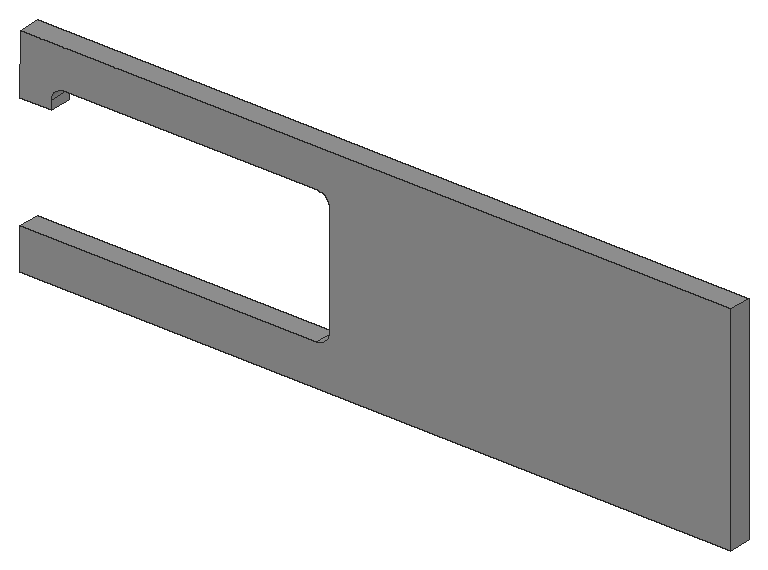
Revit family "KEUCO_11573170000", category Allgemeines Modell, Revit 2016
Family settings
  Teiletyp = Normal
  Kann Basisbauteil für Bewehrung sein = Nein
  Bemaßung runder Anschluss = Durchmesser verwenden
  Arbeitsebenenbasiert = Ja
  Immer vertikal = Nein
  Beim Laden mit Abzugskörper schneiden = Nein
  Gemeinsam genutzt = Nein
  Raumberechnungspunkt = Nein
Parameters (values of type "11573170000")
  Default Elevation = 1219.2 mm
  Verwendung = "GWC / WC"  # constant formula
  URL = "https://www.keuco.com/de/produkte/sortiment/artikel/?pid=11573&oid=1&pgo=14&country=de&lang=de&vid=11573170000"
  Serie = "Plan"  # constant formula
  Stange Material = Aluminium
  Preisgruppe = ""
  Materialien bei Hersteller anfragen = "Request to:  objektmanagement@keuco.de"
  Kategorie = "ACC"  # constant formula
  Hersteller = "KEUCO"  # constant formula
  Gewicht = 806
  Beschreibung = "mit Ablage, offene Form\r\nfür Rollenbreite 100/120 mm"
  Assembly Code = ""
  Ausschreibungstext = "KEUCO Edition 400 Toilettenpapierhalter mit Ablage, 11573170000\r\nToilettenpapierhalter  aus massivem Aluminium, für Rollenbreite 100/120mm, \r\nmit Ablagemöglichkeit, z.B. für  Handys und Accessoires,\r\nsilber-eloxiert (E6 EV1), Wandmodell, mit leicht gerundeten Kanten,\r\nBreite 328 mm, Stärke 10 mm, Tiefe 100 mm, Ablagefläche 185 mm breit\r\nder Toilettenpapierhalter mit Ablage wird verdeckt angebracht,\r\nLieferung inkl. korrosionsfreiem Befestigungsmaterial"
  Artikelnummer = "11573170000"
Reference planes
  plane 1 "Center (Front/Back)": y = 0
  plane 2: z = 0
  plane 3 "Center (Left/Right)": x = 0
Forms (mm)
  Extrusion 1, solid, material "Aluminium" <- "Stange Material"
    sketch origin (0, 0, 0) x (1, 0, 0) y (0, 0, 1)
      loop
        line (-170.993, 0) -> (157.5, 0) -> (157.5, 100) -> (-170.993, 100) -> (-170.993, 72.123) -> (-156.418, 72.123) -> (-156.418, 76.434)
        arc (-156.418, 76.434) -> (-154.752, 80.457) -> (-150.729, 82.123) r 5.69
        line (-150.729, 82.123) -> (-33.609, 82.123)
        arc (-33.609, 82.123) -> (-29.541, 80.439) -> (-27.856, 76.371) r 5.753
        line (-27.856, 76.371) -> (-27.856, 25.43)
        arc (-27.856, 25.43) -> (-29.721, 20.928) -> (-34.223, 19.062) r 6.368
        line (-34.223, 19.062) -> (-170.993, 19.062) -> (-170.993, 0)
    from 0 to -9.921
Dimensions and locks
  Extrusion 1 sketch curve to Extrusion 1 sketch curve = 0 mm
  aligned and locked: level to plane 2
